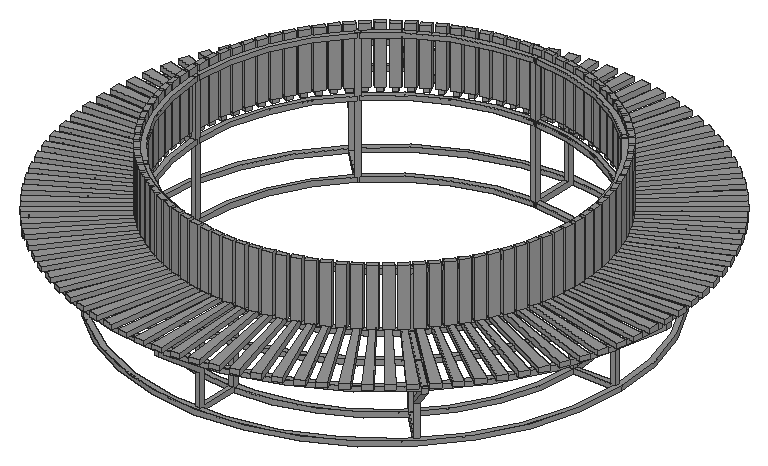
Revit family "Скамейка стальная «Диван круглый» Арт 11354", category Антураж, Revit 2018 (continued)
Definition of nested family "Скамейка стальная «Диван круглый» Арт 11354 R750"
  Forms (mm)
    Extrusion 26, solid, material <- "Цыет лавки"
      sketch origin (-110.703, 1307.801, 0) x (0.760406, -0.649448, 0) y (0.649448, 0.760406, 0)
        loop
          line (1050, 1674.557) -> (1050, 1649.557) -> (1100, 1649.557) -> (1100, 1674.557) -> (1050, 1674.557)
      from 440 to 745
    Extrusion 27, solid, material <- "Цыет лавки"
      sketch origin (-103.858, 1416.421, 0) x (0.707107, -0.707107, 0) y (0.707107, 0.707107, 0)
        loop
          line (1050, 2150) -> (1061.406, 1659.557) -> (1088.594, 1659.557) -> (1100, 2150) -> (1050, 2150)
      from 415 to 440
    Extrusion 28, solid, material <- "Цыет лавки"
      sketch origin (-103.858, 1416.421, 0) x (0.707107, -0.707107, 0) y (0.707107, 0.707107, 0)
        loop
          line (1050, 1674.557) -> (1050, 1649.557) -> (1100, 1649.557) -> (1100, 1674.557) -> (1050, 1674.557)
      from 440 to 745
    Extrusion 29, solid, material <- "Цыет лавки"
      sketch origin (-88.512, 1524.169, 0) x (0.649448, -0.760406, 0) y (0.760406, 0.649448, 0)
        loop
          line (1050, 2150) -> (1061.406, 1659.557) -> (1088.594, 1659.557) -> (1100, 2150) -> (1050, 2150)
      from 415 to 440
    Extrusion 30, solid, material <- "Цыет лавки"
      sketch origin (-88.512, 1524.169, 0) x (0.649448, -0.760406, 0) y (0.760406, 0.649448, 0)
        loop
          line (1050, 1674.557) -> (1050, 1649.557) -> (1100, 1649.557) -> (1100, 1674.557) -> (1050, 1674.557)
      from 440 to 745
    Extrusion 31, solid, material <- "Цыет лавки"
      sketch origin (-64.759, 1630.381, 0) x (0.587785, -0.809017, 0) y (0.809017, 0.587785, 0)
        loop
          line (1050, 2150) -> (1061.406, 1659.557) -> (1088.594, 1659.557) -> (1100, 2150) -> (1050, 2150)
      from 415 to 440
    Extrusion 32, solid, material <- "Цыет лавки"
      sketch origin (-64.759, 1630.381, 0) x (0.587785, -0.809017, 0) y (0.809017, 0.587785, 0)
        loop
          line (1050, 1674.557) -> (1050, 1649.557) -> (1100, 1649.557) -> (1100, 1674.557) -> (1050, 1674.557)
      from 440 to 745
    Extrusion 33, solid, material <- "Цыет лавки"
      sketch origin (-32.746, 1734.402, 0) x (0.522499, -0.85264, 0) y (0.85264, 0.522499, 0)
        loop
          line (1050, 2150) -> (1061.406, 1659.557) -> (1088.594, 1659.557) -> (1100, 2150) -> (1050, 2150)
      from 415 to 440
    Extrusion 34, solid, material <- "Цыет лавки"
      sketch origin (-32.746, 1734.402, 0) x (0.522499, -0.85264, 0) y (0.85264, 0.522499, 0)
        loop
          line (1050, 1674.557) -> (1050, 1649.557) -> (1100, 1649.557) -> (1100, 1674.557) -> (1050, 1674.557)
      from 440 to 745
    Extrusion 35, solid, material <- "Цыет лавки"
      sketch origin (7.33, 1835.59, 0) x (0.45399, -0.891007, 0) y (0.891007, 0.45399, 0)
        loop
          line (1050, 2150) -> (1061.406, 1659.557) -> (1088.594, 1659.557) -> (1100, 2150) -> (1050, 2150)
      from 415 to 440
    Extrusion 36, solid, material <- "Цыет лавки"
      sketch origin (7.33, 1835.59, 0) x (0.45399, -0.891007, 0) y (0.891007, 0.45399, 0)
        loop
          line (1050, 1674.557) -> (1050, 1649.557) -> (1100, 1649.557) -> (1100, 1674.557) -> (1050, 1674.557)
      from 440 to 745
    Extrusion 37, solid, material <- "Цыет лавки"
      sketch origin (55.221, 1933.322, 0) x (0.382683, -0.92388, 0) y (0.92388, 0.382683, 0)
        loop
          line (1050, 2150) -> (1061.406, 1659.557) -> (1088.594, 1659.557) -> (1100, 2150) -> (1050, 2150)
      from 415 to 440
    Extrusion 38, solid, material <- "Цыет лавки"
      sketch origin (55.221, 1933.322, 0) x (0.382683, -0.92388, 0) y (0.92388, 0.382683, 0)
        loop
          line (1050, 1674.557) -> (1050, 1649.557) -> (1100, 1649.557) -> (1100, 1674.557) -> (1050, 1674.557)
      from 440 to 745
    Extrusion 39, solid, material <- "Цыет лавки"
      sketch origin (110.632, 2026.996, 0) x (0.309017, -0.951057, 0) y (0.951057, 0.309017, 0)
        loop
          line (1050, 2150) -> (1061.406, 1659.557) -> (1088.594, 1659.557) -> (1100, 2150) -> (1050, 2150)
      from 415 to 440
    Extrusion 40, solid, material <- "Цыет лавки"
      sketch origin (110.632, 2026.996, 0) x (0.309017, -0.951057, 0) y (0.951057, 0.309017, 0)
        loop
          line (1050, 1674.557) -> (1050, 1649.557) -> (1100, 1649.557) -> (1100, 1674.557) -> (1050, 1674.557)
      from 440 to 745
    Extrusion 41, solid, material <- "Цыет лавки"
      sketch origin (173.223, 2116.033, 0) x (0.233445, -0.97237, 0) y (0.97237, 0.233445, 0)
        loop
          line (1050, 2150) -> (1061.406, 1659.557) -> (1088.594, 1659.557) -> (1100, 2150) -> (1050, 2150)
      from 415 to 440
    Extrusion 42, solid, material <- "Цыет лавки"
      sketch origin (173.223, 2116.033, 0) x (0.233445, -0.97237, 0) y (0.97237, 0.233445, 0)
        loop
          line (1050, 1674.557) -> (1050, 1649.557) -> (1100, 1649.557) -> (1100, 1674.557) -> (1050, 1674.557)
      from 440 to 745
    Extrusion 43, solid, material <- "Цыет лавки"
      sketch origin (242.606, 2199.885, 0) x (0.156434, -0.987688, 0) y (0.987688, 0.156434, 0)
        loop
          line (1050, 2150) -> (1061.406, 1659.557) -> (1088.594, 1659.557) -> (1100, 2150) -> (1050, 2150)
      from 415 to 440
    Extrusion 44, solid, material <- "Цыет лавки"
      sketch origin (242.606, 2199.885, 0) x (0.156434, -0.987688, 0) y (0.987688, 0.156434, 0)
        loop
          line (1050, 1674.557) -> (1050, 1649.557) -> (1100, 1649.557) -> (1100, 1674.557) -> (1050, 1674.557)
      from 440 to 745
    Extrusion 45, solid, material <- "Цыет лавки"
      sketch origin (318.354, 2278.034, 0) x (0.078459, -0.996917, 0) y (0.996917, 0.078459, 0)
        loop
          line (1050, 2150) -> (1061.406, 1659.557) -> (1088.594, 1659.557) -> (1100, 2150) -> (1050, 2150)
      from 415 to 440
    Extrusion 46, solid, material <- "Цыет лавки"
      sketch origin (318.354, 2278.034, 0) x (0.078459, -0.996917, 0) y (0.996917, 0.078459, 0)
        loop
          line (1050, 1674.557) -> (1050, 1649.557) -> (1100, 1649.557) -> (1100, 1674.557) -> (1050, 1674.557)
      from 440 to 745
    Extrusion 47, solid, material <- "Цыет лавки"
      sketch origin (400, 2350, 0) x (0, -1, 0) y (1, 0, 0)
        loop
          line (1050, 2150) -> (1061.406, 1659.557) -> (1088.594, 1659.557) -> (1100, 2150) -> (1050, 2150)
      from 415 to 440
    Extrusion 48, solid, material <- "Цыет лавки"
      sketch origin (400, 2350, 0) x (0, -1, 0) y (1, 0, 0)
        loop
          line (1050, 1674.557) -> (1050, 1649.557) -> (1100, 1649.557) -> (1100, 1674.557) -> (1050, 1674.557)
      from 440 to 745
    Extrusion 49, solid, material <- "Цыет лавки"
      sketch origin (487.041, 2415.338, 0) x (-0.078459, -0.996917, 0) y (0.996917, -0.078459, 0)
        loop
          line (1050, 2150) -> (1061.406, 1659.557) -> (1088.594, 1659.557) -> (1100, 2150) -> (1050, 2150)
      from 415 to 440
    Extrusion 50, solid, material <- "Цыет лавки"
      sketch origin (487.041, 2415.338, 0) x (-0.078459, -0.996917, 0) y (0.996917, -0.078459, 0)
        loop
          line (1050, 1674.557) -> (1050, 1649.557) -> (1100, 1649.557) -> (1100, 1674.557) -> (1050, 1674.557)
      from 440 to 745
    Extrusion 51, solid, material <- "Цыет лавки"
      sketch origin (578.94, 2473.645, 0) x (-0.156434, -0.987688, 0) y (0.987688, -0.156434, 0)
        loop
          line (1050, 2150) -> (1061.406, 1659.557) -> (1088.594, 1659.557) -> (1100, 2150) -> (1050, 2150)
      from 415 to 440
    Extrusion 52, solid, material <- "Цыет лавки"
      sketch origin (578.94, 2473.645, 0) x (-0.156434, -0.987688, 0) y (0.987688, -0.156434, 0)
        loop
          line (1050, 1674.557) -> (1050, 1649.557) -> (1100, 1649.557) -> (1100, 1674.557) -> (1050, 1674.557)
      from 440 to 745
    Extrusion 53, solid, material <- "Цыет лавки"
      sketch origin (675.13, 2524.562, 0) x (-0.233445, -0.97237, 0) y (0.97237, -0.233445, 0)
        loop
          line (1050, 2150) -> (1061.406, 1659.557) -> (1088.594, 1659.557) -> (1100, 2150) -> (1050, 2150)
      from 415 to 440
    Extrusion 54, solid, material <- "Цыет лавки"
      sketch origin (675.13, 2524.562, 0) x (-0.233445, -0.97237, 0) y (0.97237, -0.233445, 0)
        loop
          line (1050, 1674.557) -> (1050, 1649.557) -> (1100, 1649.557) -> (1100, 1674.557) -> (1050, 1674.557)
      from 440 to 745
    Extrusion 55, solid, material <- "Цыет лавки"
      sketch origin (775.019, 2567.776, 0) x (-0.309017, -0.951057, 0) y (0.951057, -0.309017, 0)
        loop
          line (1050, 2150) -> (1061.406, 1659.557) -> (1088.594, 1659.557) -> (1100, 2150) -> (1050, 2150)
      from 415 to 440
    Extrusion 56, solid, material <- "Цыет лавки"
      sketch origin (775.019, 2567.776, 0) x (-0.309017, -0.951057, 0) y (0.951057, -0.309017, 0)
        loop
          line (1050, 1674.557) -> (1050, 1649.557) -> (1100, 1649.557) -> (1100, 1674.557) -> (1050, 1674.557)
      from 440 to 745
    Extrusion 57, solid, material <- "Цыет лавки"
      sketch origin (877.99, 2603.019, 0) x (-0.382683, -0.92388, 0) y (0.92388, -0.382683, 0)
        loop
          line (1050, 2150) -> (1061.406, 1659.557) -> (1088.594, 1659.557) -> (1100, 2150) -> (1050, 2150)
      from 415 to 440
    Extrusion 58, solid, material <- "Цыет лавки"
      sketch origin (877.99, 2603.019, 0) x (-0.382683, -0.92388, 0) y (0.92388, -0.382683, 0)
        loop
          line (1050, 1674.557) -> (1050, 1649.557) -> (1100, 1649.557) -> (1100, 1674.557) -> (1050, 1674.557)
      from 440 to 745
    Extrusion 59, solid, material <- "Цыет лавки"
      sketch origin (983.409, 2630.074, 0) x (-0.45399, -0.891007, 0) y (0.891007, -0.45399, 0)
        loop
          line (1050, 2150) -> (1061.406, 1659.557) -> (1088.594, 1659.557) -> (1100, 2150) -> (1050, 2150)
      from 415 to 440
    Extrusion 60, solid, material <- "Цыет лавки"
      sketch origin (983.409, 2630.074, 0) x (-0.45399, -0.891007, 0) y (0.891007, -0.45399, 0)
        loop
          line (1050, 1674.557) -> (1050, 1649.557) -> (1100, 1649.557) -> (1100, 1674.557) -> (1050, 1674.557)
      from 440 to 745
    Extrusion 61, solid, material <- "Цыет лавки"
      sketch origin (1090.626, 2648.774, 0) x (-0.522499, -0.85264, 0) y (0.85264, -0.522499, 0)
        loop
          line (1050, 2150) -> (1061.406, 1659.557) -> (1088.594, 1659.557) -> (1100, 2150) -> (1050, 2150)
      from 415 to 440
    Extrusion 62, solid, material <- "Цыет лавки"
      sketch origin (1090.626, 2648.774, 0) x (-0.522499, -0.85264, 0) y (0.85264, -0.522499, 0)
        loop
          line (1050, 1674.557) -> (1050, 1649.557) -> (1100, 1649.557) -> (1100, 1674.557) -> (1050, 1674.557)
      from 440 to 745
    Extrusion 63, solid, material <- "Цыет лавки"
      sketch origin (1198.979, 2659.005, 0) x (-0.587785, -0.809017, 0) y (0.809017, -0.587785, 0)
        loop
          line (1050, 2150) -> (1061.406, 1659.557) -> (1088.594, 1659.557) -> (1100, 2150) -> (1050, 2150)
      from 415 to 440
    Extrusion 64, solid, material <- "Цыет лавки"
      sketch origin (1198.979, 2659.005, 0) x (-0.587785, -0.809017, 0) y (0.809017, -0.587785, 0)
        loop
          line (1050, 1674.557) -> (1050, 1649.557) -> (1100, 1649.557) -> (1100, 1674.557) -> (1050, 1674.557)
      from 440 to 745
    Extrusion 65, solid, material <- "Цыет лавки"
      sketch origin (1307.801, 2660.703, 0) x (-0.649448, -0.760406, 0) y (0.760406, -0.649448, 0)
        loop
          line (1050, 2150) -> (1061.406, 1659.557) -> (1088.594, 1659.557) -> (1100, 2150) -> (1050, 2150)
      from 415 to 440
    Extrusion 66, solid, material <- "Цыет лавки"
      sketch origin (1307.801, 2660.703, 0) x (-0.649448, -0.760406, 0) y (0.760406, -0.649448, 0)
        loop
          line (1050, 1674.557) -> (1050, 1649.557) -> (1100, 1649.557) -> (1100, 1674.557) -> (1050, 1674.557)
      from 440 to 745
    Extrusion 67, solid, material <- "Цыет лавки"
      sketch origin (1416.421, 2653.858, 0) x (-0.707107, -0.707107, 0) y (0.707107, -0.707107, 0)
        loop
          line (1050, 2150) -> (1061.406, 1659.557) -> (1088.594, 1659.557) -> (1100, 2150) -> (1050, 2150)
      from 415 to 440
    Extrusion 68, solid, material <- "Цыет лавки"
      sketch origin (1416.421, 2653.858, 0) x (-0.707107, -0.707107, 0) y (0.707107, -0.707107, 0)
        loop
          line (1050, 1674.557) -> (1050, 1649.557) -> (1100, 1649.557) -> (1100, 1674.557) -> (1050, 1674.557)
      from 440 to 745
    Extrusion 69, solid, material <- "Цыет лавки"
      sketch origin (1524.169, 2638.512, 0) x (-0.760406, -0.649448, 0) y (0.649448, -0.760406, 0)
        loop
          line (1050, 2150) -> (1061.406, 1659.557) -> (1088.594, 1659.557) -> (1100, 2150) -> (1050, 2150)
      from 415 to 440
    Extrusion 70, solid, material <- "Цыет лавки"
      sketch origin (1524.169, 2638.512, 0) x (-0.760406, -0.649448, 0) y (0.649448, -0.760406, 0)
        loop
          line (1050, 1674.557) -> (1050, 1649.557) -> (1100, 1649.557) -> (1100, 1674.557) -> (1050, 1674.557)
      from 440 to 745
    Extrusion 71, solid, material <- "Цыет лавки"
      sketch origin (1630.381, 2614.759, 0) x (-0.809017, -0.587785, 0) y (0.587785, -0.809017, 0)
        loop
          line (1050, 2150) -> (1061.406, 1659.557) -> (1088.594, 1659.557) -> (1100, 2150) -> (1050, 2150)
      from 415 to 440
    Extrusion 72, solid, material <- "Цыет лавки"
      sketch origin (1630.381, 2614.759, 0) x (-0.809017, -0.587785, 0) y (0.587785, -0.809017, 0)
        loop
          line (1050, 1674.557) -> (1050, 1649.557) -> (1100, 1649.557) -> (1100, 1674.557) -> (1050, 1674.557)
      from 440 to 745
    Extrusion 73, solid, material <- "Цыет лавки"
      sketch origin (1734.402, 2582.746, 0) x (-0.85264, -0.522499, 0) y (0.522499, -0.85264, 0)
        loop
          line (1050, 2150) -> (1061.406, 1659.557) -> (1088.594, 1659.557) -> (1100, 2150) -> (1050, 2150)
      from 415 to 440
    Extrusion 74, solid, material <- "Цыет лавки"
      sketch origin (1734.402, 2582.746, 0) x (-0.85264, -0.522499, 0) y (0.522499, -0.85264, 0)
        loop
          line (1050, 1674.557) -> (1050, 1649.557) -> (1100, 1649.557) -> (1100, 1674.557) -> (1050, 1674.557)
      from 440 to 745
    Extrusion 75, solid, material <- "Цыет лавки"
      sketch origin (1835.59, 2542.67, 0) x (-0.891007, -0.45399, 0) y (0.45399, -0.891007, 0)
        loop
          line (1050, 2150) -> (1061.406, 1659.557) -> (1088.594, 1659.557) -> (1100, 2150) -> (1050, 2150)
      from 415 to 440
    Extrusion 76, solid, material <- "Цыет лавки"
      sketch origin (1835.59, 2542.67, 0) x (-0.891007, -0.45399, 0) y (0.45399, -0.891007, 0)
        loop
          line (1050, 1674.557) -> (1050, 1649.557) -> (1100, 1649.557) -> (1100, 1674.557) -> (1050, 1674.557)
      from 440 to 745
    Extrusion 77, solid, material <- "Цыет лавки"
      sketch origin (1933.322, 2494.779, 0) x (-0.92388, -0.382683, 0) y (0.382683, -0.92388, 0)
        loop
          line (1050, 2150) -> (1061.406, 1659.557) -> (1088.594, 1659.557) -> (1100, 2150) -> (1050, 2150)
      from 415 to 440
    Extrusion 78, solid, material <- "Цыет лавки"
      sketch origin (1933.322, 2494.779, 0) x (-0.92388, -0.382683, 0) y (0.382683, -0.92388, 0)
        loop
          line (1050, 1674.557) -> (1050, 1649.557) -> (1100, 1649.557) -> (1100, 1674.557) -> (1050, 1674.557)
      from 440 to 745
    Extrusion 79, solid, material <- "Цыет лавки"
      sketch origin (2026.996, 2439.368, 0) x (-0.951057, -0.309017, 0) y (0.309017, -0.951057, 0)
        loop
          line (1050, 2150) -> (1061.406, 1659.557) -> (1088.594, 1659.557) -> (1100, 2150) -> (1050, 2150)
      from 415 to 440
    Extrusion 80, solid, material <- "Цыет лавки"
      sketch origin (2026.996, 2439.368, 0) x (-0.951057, -0.309017, 0) y (0.309017, -0.951057, 0)
        loop
          line (1050, 1674.557) -> (1050, 1649.557) -> (1100, 1649.557) -> (1100, 1674.557) -> (1050, 1674.557)
      from 440 to 745
    Extrusion 81, solid, material <- "Цыет лавки"
      sketch origin (2116.033, 2376.777, 0) x (-0.97237, -0.233445, 0) y (0.233445, -0.97237, 0)
        loop
          line (1050, 2150) -> (1061.406, 1659.557) -> (1088.594, 1659.557) -> (1100, 2150) -> (1050, 2150)
      from 415 to 440
    Extrusion 82, solid, material <- "Цыет лавки"
      sketch origin (2116.033, 2376.777, 0) x (-0.97237, -0.233445, 0) y (0.233445, -0.97237, 0)
        loop
          line (1050, 1674.557) -> (1050, 1649.557) -> (1100, 1649.557) -> (1100, 1674.557) -> (1050, 1674.557)
      from 440 to 745
    Extrusion 83, solid, material <- "Цыет лавки"
      sketch origin (2199.885, 2307.394, 0) x (-0.987688, -0.156434, 0) y (0.156434, -0.987688, 0)
        loop
          line (1050, 2150) -> (1061.406, 1659.557) -> (1088.594, 1659.557) -> (1100, 2150) -> (1050, 2150)
      from 415 to 440
    Extrusion 84, solid, material <- "Цыет лавки"
      sketch origin (2199.885, 2307.394, 0) x (-0.987688, -0.156434, 0) y (0.156434, -0.987688, 0)
        loop
          line (1050, 1674.557) -> (1050, 1649.557) -> (1100, 1649.557) -> (1100, 1674.557) -> (1050, 1674.557)
      from 440 to 745
    Extrusion 85, solid, material <- "Цыет лавки"
      sketch origin (2278.034, 2231.646, 0) x (-0.996917, -0.078459, 0) y (0.078459, -0.996917, 0)
        loop
          line (1050, 2150) -> (1061.406, 1659.557) -> (1088.594, 1659.557) -> (1100, 2150) -> (1050, 2150)
      from 415 to 440
    Extrusion 86, solid, material <- "Цыет лавки"
      sketch origin (2278.034, 2231.646, 0) x (-0.996917, -0.078459, 0) y (0.078459, -0.996917, 0)
        loop
          line (1050, 1674.557) -> (1050, 1649.557) -> (1100, 1649.557) -> (1100, 1674.557) -> (1050, 1674.557)
      from 440 to 745
    Extrusion 87, solid, material <- "Цыет лавки"
      sketch origin (2415.338, 487.041, 0) x (-0.996917, -0.078459, 0) y (0.078459, -0.996917, 0)
        loop
          line (1050, -2150) -> (1100, -2150) -> (1088.594, -1659.557) -> (1061.406, -1659.557) -> (1050, -2150)
      from 415 to 440
    Extrusion 88, solid, material <- "Цыет лавки"
      sketch origin (2415.338, 487.041, 0) x (-0.996917, -0.078459, 0) y (0.078459, -0.996917, 0)
        loop
          line (1050, -1674.557) -> (1100, -1674.557) -> (1100, -1649.557) -> (1050, -1649.557) -> (1050, -1674.557)
      from 440 to 745
    Extrusion 89, solid, material <- "Цыет лавки"
      sketch origin (2473.645, 578.94, 0) x (-0.987688, -0.156434, 0) y (0.156434, -0.987688, 0)
        loop
          line (1050, -2150) -> (1100, -2150) -> (1088.594, -1659.557) -> (1061.406, -1659.557) -> (1050, -2150)
      from 415 to 440
    Extrusion 90, solid, material <- "Цыет лавки"
      sketch origin (2473.645, 578.94, 0) x (-0.987688, -0.156434, 0) y (0.156434, -0.987688, 0)
        loop
          line (1050, -1674.557) -> (1100, -1674.557) -> (1100, -1649.557) -> (1050, -1649.557) -> (1050, -1674.557)
      from 440 to 745
    Extrusion 91, solid, material <- "Цыет лавки"
      sketch origin (2524.562, 675.13, 0) x (-0.97237, -0.233445, 0) y (0.233445, -0.97237, 0)
        loop
          line (1050, -2150) -> (1100, -2150) -> (1088.594, -1659.557) -> (1061.406, -1659.557) -> (1050, -2150)
      from 415 to 440
    Extrusion 92, solid, material <- "Цыет лавки"
      sketch origin (2524.562, 675.13, 0) x (-0.97237, -0.233445, 0) y (0.233445, -0.97237, 0)
        loop
          line (1050, -1674.557) -> (1100, -1674.557) -> (1100, -1649.557) -> (1050, -1649.557) -> (1050, -1674.557)
      from 440 to 745
    Extrusion 93, solid, material <- "Цыет лавки"
      sketch origin (2567.776, 775.019, 0) x (-0.951057, -0.309017, 0) y (0.309017, -0.951057, 0)
        loop
          line (1050, -2150) -> (1100, -2150) -> (1088.594, -1659.557) -> (1061.406, -1659.557) -> (1050, -2150)
      from 415 to 440
    Extrusion 94, solid, material <- "Цыет лавки"
      sketch origin (2567.776, 775.019, 0) x (-0.951057, -0.309017, 0) y (0.309017, -0.951057, 0)
        loop
          line (1050, -1674.557) -> (1100, -1674.557) -> (1100, -1649.557) -> (1050, -1649.557) -> (1050, -1674.557)
      from 440 to 745
    Extrusion 95, solid, material <- "Цыет лавки"
      sketch origin (2603.019, 877.99, 0) x (-0.92388, -0.382683, 0) y (0.382683, -0.92388, 0)
        loop
          line (1050, -2150) -> (1100, -2150) -> (1088.594, -1659.557) -> (1061.406, -1659.557) -> (1050, -2150)
      from 415 to 440
    Extrusion 96, solid, material <- "Цыет лавки"
      sketch origin (2603.019, 877.99, 0) x (-0.92388, -0.382683, 0) y (0.382683, -0.92388, 0)
        loop
          line (1050, -1674.557) -> (1100, -1674.557) -> (1100, -1649.557) -> (1050, -1649.557) -> (1050, -1674.557)
      from 440 to 745
    Extrusion 97, solid, material <- "Цыет лавки"
      sketch origin (2630.074, 983.409, 0) x (-0.891007, -0.45399, 0) y (0.45399, -0.891007, 0)
        loop
          line (1050, -2150) -> (1100, -2150) -> (1088.594, -1659.557) -> (1061.406, -1659.557) -> (1050, -2150)
      from 415 to 440
    Extrusion 98, solid, material <- "Цыет лавки"
      sketch origin (2630.074, 983.409, 0) x (-0.891007, -0.45399, 0) y (0.45399, -0.891007, 0)
        loop
          line (1050, -1674.557) -> (1100, -1674.557) -> (1100, -1649.557) -> (1050, -1649.557) -> (1050, -1674.557)
      from 440 to 745
    Extrusion 99, solid, material <- "Цыет лавки"
      sketch origin (2648.774, 1090.626, 0) x (-0.85264, -0.522499, 0) y (0.522499, -0.85264, 0)
        loop
          line (1050, -2150) -> (1100, -2150) -> (1088.594, -1659.557) -> (1061.406, -1659.557) -> (1050, -2150)
      from 415 to 440
    Extrusion 100, solid, material <- "Цыет лавки"
      sketch origin (2648.774, 1090.626, 0) x (-0.85264, -0.522499, 0) y (0.522499, -0.85264, 0)
        loop
          line (1050, -1674.557) -> (1100, -1674.557) -> (1100, -1649.557) -> (1050, -1649.557) -> (1050, -1674.557)
      from 440 to 745
    Extrusion 101, solid, material <- "Цыет лавки"
      sketch origin (2659.005, 1198.979, 0) x (-0.809017, -0.587785, 0) y (0.587785, -0.809017, 0)
        loop
          line (1050, -2150) -> (1100, -2150) -> (1088.594, -1659.557) -> (1061.406, -1659.557) -> (1050, -2150)
      from 415 to 440
    Extrusion 102, solid, material <- "Цыет лавки"
      sketch origin (2659.005, 1198.979, 0) x (-0.809017, -0.587785, 0) y (0.587785, -0.809017, 0)
        loop
          line (1050, -1674.557) -> (1100, -1674.557) -> (1100, -1649.557) -> (1050, -1649.557) -> (1050, -1674.557)
      from 440 to 745
    Extrusion 103, solid, material <- "Цыет лавки"
      sketch origin (2660.703, 1307.801, 0) x (-0.760406, -0.649448, 0) y (0.649448, -0.760406, 0)
        loop
          line (1050, -2150) -> (1100, -2150) -> (1088.594, -1659.557) -> (1061.406, -1659.557) -> (1050, -2150)
      from 415 to 440
    Extrusion 104, solid, material <- "Цыет лавки"
      sketch origin (2660.703, 1307.801, 0) x (-0.760406, -0.649448, 0) y (0.649448, -0.760406, 0)
        loop
          line (1050, -1674.557) -> (1100, -1674.557) -> (1100, -1649.557) -> (1050, -1649.557) -> (1050, -1674.557)
      from 440 to 745
    Extrusion 105, solid, material <- "Цыет лавки"
      sketch origin (2653.858, 1416.421, 0) x (-0.707107, -0.707107, 0) y (0.707107, -0.707107, 0)
        loop
          line (1050, -2150) -> (1100, -2150) -> (1088.594, -1659.557) -> (1061.406, -1659.557) -> (1050, -2150)
      from 415 to 440
    Extrusion 106, solid, material <- "Цыет лавки"
      sketch origin (2653.858, 1416.421, 0) x (-0.707107, -0.707107, 0) y (0.707107, -0.707107, 0)
        loop
          line (1050, -1674.557) -> (1100, -1674.557) -> (1100, -1649.557) -> (1050, -1649.557) -> (1050, -1674.557)
      from 440 to 745
    Extrusion 107, solid, material <- "Цыет лавки"
      sketch origin (2638.512, 1524.169, 0) x (-0.649448, -0.760406, 0) y (0.760406, -0.649448, 0)
        loop
          line (1050, -2150) -> (1100, -2150) -> (1088.594, -1659.557) -> (1061.406, -1659.557) -> (1050, -2150)
      from 415 to 440
    Extrusion 108, solid, material <- "Цыет лавки"
      sketch origin (2638.512, 1524.169, 0) x (-0.649448, -0.760406, 0) y (0.760406, -0.649448, 0)
        loop
          line (1050, -1674.557) -> (1100, -1674.557) -> (1100, -1649.557) -> (1050, -1649.557) -> (1050, -1674.557)
      from 440 to 745
    Extrusion 109, solid, material <- "Цыет лавки"
      sketch origin (2614.759, 1630.381, 0) x (-0.587785, -0.809017, 0) y (0.809017, -0.587785, 0)
        loop
          line (1050, -2150) -> (1100, -2150) -> (1088.594, -1659.557) -> (1061.406, -1659.557) -> (1050, -2150)
      from 415 to 440
    Extrusion 110, solid, material <- "Цыет лавки"
      sketch origin (2614.759, 1630.381, 0) x (-0.587785, -0.809017, 0) y (0.809017, -0.587785, 0)
        loop
          line (1050, -1674.557) -> (1100, -1674.557) -> (1100, -1649.557) -> (1050, -1649.557) -> (1050, -1674.557)
      from 440 to 745
    Extrusion 111, solid, material <- "Цыет лавки"
      sketch origin (2582.746, 1734.402, 0) x (-0.522499, -0.85264, 0) y (0.85264, -0.522499, 0)
        loop
          line (1050, -2150) -> (1100, -2150) -> (1088.594, -1659.557) -> (1061.406, -1659.557) -> (1050, -2150)
      from 415 to 440
    Extrusion 112, solid, material <- "Цыет лавки"
      sketch origin (2582.746, 1734.402, 0) x (-0.522499, -0.85264, 0) y (0.85264, -0.522499, 0)
        loop
          line (1050, -1674.557) -> (1100, -1674.557) -> (1100, -1649.557) -> (1050, -1649.557) -> (1050, -1674.557)
      from 440 to 745
    Extrusion 113, solid, material <- "Цыет лавки"
      sketch origin (2542.67, 1835.59, 0) x (-0.45399, -0.891007, 0) y (0.891007, -0.45399, 0)
        loop
          line (1050, -2150) -> (1100, -2150) -> (1088.594, -1659.557) -> (1061.406, -1659.557) -> (1050, -2150)
      from 415 to 440
    Extrusion 114, solid, material <- "Цыет лавки"
      sketch origin (2542.67, 1835.59, 0) x (-0.45399, -0.891007, 0) y (0.891007, -0.45399, 0)
        loop
          line (1050, -1674.557) -> (1100, -1674.557) -> (1100, -1649.557) -> (1050, -1649.557) -> (1050, -1674.557)
      from 440 to 745
    Extrusion 115, solid, material <- "Цыет лавки"
      sketch origin (2494.779, 1933.322, 0) x (-0.382683, -0.92388, 0) y (0.92388, -0.382683, 0)
        loop
          line (1050, -2150) -> (1100, -2150) -> (1088.594, -1659.557) -> (1061.406, -1659.557) -> (1050, -2150)
      from 415 to 440
    Extrusion 116, solid, material <- "Цыет лавки"
      sketch origin (2494.779, 1933.322, 0) x (-0.382683, -0.92388, 0) y (0.92388, -0.382683, 0)
        loop
          line (1050, -1674.557) -> (1100, -1674.557) -> (1100, -1649.557) -> (1050, -1649.557) -> (1050, -1674.557)
      from 440 to 745
    Extrusion 117, solid, material <- "Цыет лавки"
      sketch origin (2439.368, 2026.996, 0) x (-0.309017, -0.951057, 0) y (0.951057, -0.309017, 0)
        loop
          line (1050, -2150) -> (1100, -2150) -> (1088.594, -1659.557) -> (1061.406, -1659.557) -> (1050, -2150)
      from 415 to 440
    Extrusion 118, solid, material <- "Цыет лавки"
      sketch origin (2439.368, 2026.996, 0) x (-0.309017, -0.951057, 0) y (0.951057, -0.309017, 0)
        loop
          line (1050, -1674.557) -> (1100, -1674.557) -> (1100, -1649.557) -> (1050, -1649.557) -> (1050, -1674.557)
      from 440 to 745
    Extrusion 119, solid, material <- "Цыет лавки"
      sketch origin (2376.777, 2116.033, 0) x (-0.233445, -0.97237, 0) y (0.97237, -0.233445, 0)
        loop
          line (1050, -2150) -> (1100, -2150) -> (1088.594, -1659.557) -> (1061.406, -1659.557) -> (1050, -2150)
      from 415 to 440
    Extrusion 120, solid, material <- "Цыет лавки"
      sketch origin (2376.777, 2116.033, 0) x (-0.233445, -0.97237, 0) y (0.97237, -0.233445, 0)
        loop
          line (1050, -1674.557) -> (1100, -1674.557) -> (1100, -1649.557) -> (1050, -1649.557) -> (1050, -1674.557)
      from 440 to 745
    Extrusion 121, solid, material <- "Цыет лавки"
      sketch origin (2307.394, 2199.885, 0) x (-0.156434, -0.987688, 0) y (0.987688, -0.156434, 0)
        loop
          line (1050, -2150) -> (1100, -2150) -> (1088.594, -1659.557) -> (1061.406, -1659.557) -> (1050, -2150)
      from 415 to 440
    Extrusion 122, solid, material <- "Цыет лавки"
      sketch origin (2307.394, 2199.885, 0) x (-0.156434, -0.987688, 0) y (0.987688, -0.156434, 0)
        loop
          line (1050, -1674.557) -> (1100, -1674.557) -> (1100, -1649.557) -> (1050, -1649.557) -> (1050, -1674.557)
      from 440 to 745
    Extrusion 123, solid, material <- "Цыет лавки"
      sketch origin (2231.646, 2278.034, 0) x (-0.078459, -0.996917, 0) y (0.996917, -0.078459, 0)
        loop
          line (1050, -2150) -> (1100, -2150) -> (1088.594, -1659.557) -> (1061.406, -1659.557) -> (1050, -2150)
      from 415 to 440
    Extrusion 124, solid, material <- "Цыет лавки"
      sketch origin (2231.646, 2278.034, 0) x (-0.078459, -0.996917, 0) y (0.996917, -0.078459, 0)
        loop
          line (1050, -1674.557) -> (1100, -1674.557) -> (1100, -1649.557) -> (1050, -1649.557) -> (1050, -1674.557)
      from 440 to 745
    Extrusion 125, solid, material <- "Цыет лавки"
      sketch origin (2150, 2350, 0) x (0, -1, 0) y (1, 0, 0)
        loop
          line (1050, -2150) -> (1100, -2150) -> (1088.594, -1659.557) -> (1061.406, -1659.557) -> (1050, -2150)
      from 415 to 440
    Extrusion 126, solid, material <- "Цыет лавки"
      sketch origin (2150, 2350, 0) x (0, -1, 0) y (1, 0, 0)
        loop
          line (1050, -1674.557) -> (1100, -1674.557) -> (1100, -1649.557) -> (1050, -1649.557) -> (1050, -1674.557)
      from 440 to 745
    Extrusion 127, solid, material <- "Цыет лавки"
      sketch origin (2062.959, 2415.338, 0) x (0.078459, -0.996917, 0) y (0.996917, 0.078459, 0)
        loop
          line (1050, -2150) -> (1100, -2150) -> (1088.594, -1659.557) -> (1061.406, -1659.557) -> (1050, -2150)
      from 415 to 440
    Extrusion 128, solid, material <- "Цыет лавки"
      sketch origin (2062.959, 2415.338, 0) x (0.078459, -0.996917, 0) y (0.996917, 0.078459, 0)
        loop
          line (1050, -1674.557) -> (1100, -1674.557) -> (1100, -1649.557) -> (1050, -1649.557) -> (1050, -1674.557)
      from 440 to 745
    Extrusion 129, solid, material <- "Цыет лавки"
      sketch origin (1971.06, 2473.645, 0) x (0.156434, -0.987688, 0) y (0.987688, 0.156434, 0)
        loop
          line (1050, -2150) -> (1100, -2150) -> (1088.594, -1659.557) -> (1061.406, -1659.557) -> (1050, -2150)
      from 415 to 440
    Extrusion 130, solid, material <- "Цыет лавки"
      sketch origin (1971.06, 2473.645, 0) x (0.156434, -0.987688, 0) y (0.987688, 0.156434, 0)
        loop
          line (1050, -1674.557) -> (1100, -1674.557) -> (1100, -1649.557) -> (1050, -1649.557) -> (1050, -1674.557)
      from 440 to 745
    Extrusion 131, solid, material <- "Цыет лавки"
      sketch origin (1874.87, 2524.562, 0) x (0.233445, -0.97237, 0) y (0.97237, 0.233445, 0)
        loop
          line (1050, -2150) -> (1100, -2150) -> (1088.594, -1659.557) -> (1061.406, -1659.557) -> (1050, -2150)
      from 415 to 440
    Extrusion 132, solid, material <- "Цыет лавки"
      sketch origin (1874.87, 2524.562, 0) x (0.233445, -0.97237, 0) y (0.97237, 0.233445, 0)
        loop
          line (1050, -1674.557) -> (1100, -1674.557) -> (1100, -1649.557) -> (1050, -1649.557) -> (1050, -1674.557)
      from 440 to 745
    Extrusion 133, solid, material <- "Цыет лавки"
      sketch origin (1774.981, 2567.776, 0) x (0.309017, -0.951057, 0) y (0.951057, 0.309017, 0)
        loop
          line (1050, -2150) -> (1100, -2150) -> (1088.594, -1659.557) -> (1061.406, -1659.557) -> (1050, -2150)
      from 415 to 440
    Extrusion 134, solid, material <- "Цыет лавки"
      sketch origin (1774.981, 2567.776, 0) x (0.309017, -0.951057, 0) y (0.951057, 0.309017, 0)
        loop
          line (1050, -1674.557) -> (1100, -1674.557) -> (1100, -1649.557) -> (1050, -1649.557) -> (1050, -1674.557)
      from 440 to 745
    Extrusion 135, solid, material <- "Цыет лавки"
      sketch origin (1672.01, 2603.019, 0) x (0.382683, -0.92388, 0) y (0.92388, 0.382683, 0)
        loop
          line (1050, -2150) -> (1100, -2150) -> (1088.594, -1659.557) -> (1061.406, -1659.557) -> (1050, -2150)
      from 415 to 440
    Extrusion 136, solid, material <- "Цыет лавки"
      sketch origin (1672.01, 2603.019, 0) x (0.382683, -0.92388, 0) y (0.92388, 0.382683, 0)
        loop
          line (1050, -1674.557) -> (1100, -1674.557) -> (1100, -1649.557) -> (1050, -1649.557) -> (1050, -1674.557)
      from 440 to 745
    Extrusion 137, solid, material <- "Цыет лавки"
      sketch origin (1566.591, 2630.074, 0) x (0.45399, -0.891007, 0) y (0.891007, 0.45399, 0)
        loop
          line (1050, -2150) -> (1100, -2150) -> (1088.594, -1659.557) -> (1061.406, -1659.557) -> (1050, -2150)
      from 415 to 440
    Extrusion 138, solid, material <- "Цыет лавки"
      sketch origin (1566.591, 2630.074, 0) x (0.45399, -0.891007, 0) y (0.891007, 0.45399, 0)
        loop
          line (1050, -1674.557) -> (1100, -1674.557) -> (1100, -1649.557) -> (1050, -1649.557) -> (1050, -1674.557)
      from 440 to 745
    Extrusion 139, solid, material <- "Цыет лавки"
      sketch origin (1459.374, 2648.774, 0) x (0.522499, -0.85264, 0) y (0.85264, 0.522499, 0)
        loop
          line (1050, -2150) -> (1100, -2150) -> (1088.594, -1659.557) -> (1061.406, -1659.557) -> (1050, -2150)
      from 415 to 440
    Extrusion 140, solid, material <- "Цыет лавки"
      sketch origin (1459.374, 2648.774, 0) x (0.522499, -0.85264, 0) y (0.85264, 0.522499, 0)
        loop
          line (1050, -1674.557) -> (1100, -1674.557) -> (1100, -1649.557) -> (1050, -1649.557) -> (1050, -1674.557)
      from 440 to 745
    Extrusion 141, solid, material <- "Цыет лавки"
      sketch origin (1351.021, 2659.005, 0) x (0.587785, -0.809017, 0) y (0.809017, 0.587785, 0)
        loop
          line (1050, -2150) -> (1100, -2150) -> (1088.594, -1659.557) -> (1061.406, -1659.557) -> (1050, -2150)
      from 415 to 440
    Extrusion 142, solid, material <- "Цыет лавки"
      sketch origin (1351.021, 2659.005, 0) x (0.587785, -0.809017, 0) y (0.809017, 0.587785, 0)
        loop
          line (1050, -1674.557) -> (1100, -1674.557) -> (1100, -1649.557) -> (1050, -1649.557) -> (1050, -1674.557)
      from 440 to 745
    Extrusion 143, solid, material <- "Цыет лавки"
      sketch origin (1242.199, 2660.703, 0) x (0.649448, -0.760406, 0) y (0.760406, 0.649448, 0)
        loop
          line (1050, -2150) -> (1100, -2150) -> (1088.594, -1659.557) -> (1061.406, -1659.557) -> (1050, -2150)
      from 415 to 440
    Extrusion 144, solid, material <- "Цыет лавки"
      sketch origin (1242.199, 2660.703, 0) x (0.649448, -0.760406, 0) y (0.760406, 0.649448, 0)
        loop
          line (1050, -1674.557) -> (1100, -1674.557) -> (1100, -1649.557) -> (1050, -1649.557) -> (1050, -1674.557)
      from 440 to 745
    Extrusion 145, solid, material <- "Цыет лавки"
      sketch origin (1133.579, 2653.858, 0) x (0.707107, -0.707107, 0) y (0.707107, 0.707107, 0)
        loop
          line (1050, -2150) -> (1100, -2150) -> (1088.594, -1659.557) -> (1061.406, -1659.557) -> (1050, -2150)
      from 415 to 440
    Extrusion 146, solid, material <- "Цыет лавки"
      sketch origin (1133.579, 2653.858, 0) x (0.707107, -0.707107, 0) y (0.707107, 0.707107, 0)
        loop
          line (1050, -1674.557) -> (1100, -1674.557) -> (1100, -1649.557) -> (1050, -1649.557) -> (1050, -1674.557)
      from 440 to 745
    Extrusion 147, solid, material <- "Цыет лавки"
      sketch origin (1025.831, 2638.512, 0) x (0.760406, -0.649448, 0) y (0.649448, 0.760406, 0)
        loop
          line (1050, -2150) -> (1100, -2150) -> (1088.594, -1659.557) -> (1061.406, -1659.557) -> (1050, -2150)
      from 415 to 440
    Extrusion 148, solid, material <- "Цыет лавки"
      sketch origin (1025.831, 2638.512, 0) x (0.760406, -0.649448, 0) y (0.649448, 0.760406, 0)
        loop
          line (1050, -1674.557) -> (1100, -1674.557) -> (1100, -1649.557) -> (1050, -1649.557) -> (1050, -1674.557)
      from 440 to 745
    Extrusion 149, solid, material <- "Цыет лавки"
      sketch origin (919.619, 2614.759, 0) x (0.809017, -0.587785, 0) y (0.587785, 0.809017, 0)
        loop
          line (1050, -2150) -> (1100, -2150) -> (1088.594, -1659.557) -> (1061.406, -1659.557) -> (1050, -2150)
      from 415 to 440
    Extrusion 150, solid, material <- "Цыет лавки"
      sketch origin (919.619, 2614.759, 0) x (0.809017, -0.587785, 0) y (0.587785, 0.809017, 0)
        loop
          line (1050, -1674.557) -> (1100, -1674.557) -> (1100, -1649.557) -> (1050, -1649.557) -> (1050, -1674.557)
      from 440 to 745
    Extrusion 151, solid, material <- "Цыет лавки"
      sketch origin (815.598, 2582.746, 0) x (0.85264, -0.522499, 0) y (0.522499, 0.85264, 0)
        loop
          line (1050, -2150) -> (1100, -2150) -> (1088.594, -1659.557) -> (1061.406, -1659.557) -> (1050, -2150)
      from 415 to 440
    Extrusion 152, solid, material <- "Цыет лавки"
      sketch origin (815.598, 2582.746, 0) x (0.85264, -0.522499, 0) y (0.522499, 0.85264, 0)
        loop
          line (1050, -1674.557) -> (1100, -1674.557) -> (1100, -1649.557) -> (1050, -1649.557) -> (1050, -1674.557)
      from 440 to 745
    Extrusion 153, solid, material <- "Цыет лавки"
      sketch origin (714.41, 2542.67, 0) x (0.891007, -0.45399, 0) y (0.45399, 0.891007, 0)
        loop
          line (1050, -2150) -> (1100, -2150) -> (1088.594, -1659.557) -> (1061.406, -1659.557) -> (1050, -2150)
      from 415 to 440
    Extrusion 154, solid, material <- "Цыет лавки"
      sketch origin (714.41, 2542.67, 0) x (0.891007, -0.45399, 0) y (0.45399, 0.891007, 0)
        loop
          line (1050, -1674.557) -> (1100, -1674.557) -> (1100, -1649.557) -> (1050, -1649.557) -> (1050, -1674.557)
      from 440 to 745
    Extrusion 155, solid, material <- "Цыет лавки"
      sketch origin (616.678, 2494.779, 0) x (0.92388, -0.382683, 0) y (0.382683, 0.92388, 0)
        loop
          line (1050, -2150) -> (1100, -2150) -> (1088.594, -1659.557) -> (1061.406, -1659.557) -> (1050, -2150)
      from 415 to 440
    Extrusion 156, solid, material <- "Цыет лавки"
      sketch origin (616.678, 2494.779, 0) x (0.92388, -0.382683, 0) y (0.382683, 0.92388, 0)
        loop
          line (1050, -1674.557) -> (1100, -1674.557) -> (1100, -1649.557) -> (1050, -1649.557) -> (1050, -1674.557)
      from 440 to 745
    Extrusion 157, solid, material <- "Цыет лавки"
      sketch origin (523.004, 2439.368, 0) x (0.951057, -0.309017, 0) y (0.309017, 0.951057, 0)
        loop
          line (1050, -2150) -> (1100, -2150) -> (1088.594, -1659.557) -> (1061.406, -1659.557) -> (1050, -2150)
      from 415 to 440
    Extrusion 158, solid, material <- "Цыет лавки"
      sketch origin (523.004, 2439.368, 0) x (0.951057, -0.309017, 0) y (0.309017, 0.951057, 0)
        loop
          line (1050, -1674.557) -> (1100, -1674.557) -> (1100, -1649.557) -> (1050, -1649.557) -> (1050, -1674.557)
      from 440 to 745
    Extrusion 159, solid, material <- "Цыет лавки"
      sketch origin (433.967, 2376.777, 0) x (0.97237, -0.233445, 0) y (0.233445, 0.97237, 0)
        loop
          line (1050, -2150) -> (1100, -2150) -> (1088.594, -1659.557) -> (1061.406, -1659.557) -> (1050, -2150)
      from 415 to 440
    Extrusion 160, solid, material <- "Цыет лавки"
      sketch origin (433.967, 2376.777, 0) x (0.97237, -0.233445, 0) y (0.233445, 0.97237, 0)
        loop
          line (1050, -1674.557) -> (1100, -1674.557) -> (1100, -1649.557) -> (1050, -1649.557) -> (1050, -1674.557)
      from 440 to 745
    Extrusion 161, solid, material <- "Цыет лавки"
      sketch origin (350.115, 2307.394, 0) x (0.987688, -0.156434, 0) y (0.156434, 0.987688, 0)
        loop
          line (1050, -2150) -> (1100, -2150) -> (1088.594, -1659.557) -> (1061.406, -1659.557) -> (1050, -2150)
      from 415 to 440
    Extrusion 162, solid, material <- "Цыет лавки"
      sketch origin (350.115, 2307.394, 0) x (0.987688, -0.156434, 0) y (0.156434, 0.987688, 0)
        loop
          line (1050, -1674.557) -> (1100, -1674.557) -> (1100, -1649.557) -> (1050, -1649.557) -> (1050, -1674.557)
      from 440 to 745
    Extrusion 163, solid, material <- "Цыет лавки"
      sketch origin (271.966, 2231.646, 0) x (0.996917, -0.078459, 0) y (0.078459, 0.996917, 0)
        loop
          line (1050, -2150) -> (1100, -2150) -> (1088.594, -1659.557) -> (1061.406, -1659.557) -> (1050, -2150)
      from 415 to 440
    Extrusion 164, solid, material <- "Цыет лавки"
      sketch origin (271.966, 2231.646, 0) x (0.996917, -0.078459, 0) y (0.078459, 0.996917, 0)
        loop
          line (1050, -1674.557) -> (1100, -1674.557) -> (1100, -1649.557) -> (1050, -1649.557) -> (1050, -1674.557)
      from 440 to 745
    Extrusion 165, solid, material <- "Цвет опор"
      sketch origin (2550, 2550, 0) x (-1, 0, 0) y (0, 0, -1)
        loop
          line (525.487, 0) -> (275, 0) -> (275, -195) -> (0, -390) -> (0, -415) -> (500.443, -415) -> (500.443, -690) -> (525.487, -690) -> (525.487, 0)
        loop
          line (275, -390) -> (275, -225.647) -> (43.221, -390) -> (275, -390)
        loop
          line (300, -25) -> (300, -390) -> (500.443, -390) -> (500.443, -25) -> (300, -25)
      from 1262.5 to 1287.5
    Extrusion 166, solid, material <- "Цвет опор"
      sketch origin (1275, 3078.122, 0) x (0.707107, -0.707107, 0) y (0, 0, 1)
        loop
          line (525.487, 0) -> (525.487, 690) -> (500.443, 690) -> (500.443, 415) -> (0, 415) -> (0, 390) -> (275, 195) -> (275, 0) -> (525.487, 0)
        loop
          line (275, 390) -> (43.221, 390) -> (275, 225.647) -> (275, 390)
        loop
          line (300, 25) -> (500.443, 25) -> (500.443, 390) -> (300, 390) -> (300, 25)
      from 1262.5 to 1287.5
    Extrusion 167, solid, material <- "Цвет опор"
      sketch origin (3078.122, 1275, 0) x (-0.707107, 0.707107, 0) y (0, 0, -1)
        loop
          line (525.487, 0) -> (275, 0) -> (275, -195) -> (0, -390) -> (0, -415) -> (500.443, -415) -> (500.443, -690) -> (525.487, -690) -> (525.487, 0)
        loop
          line (275, -390) -> (275, -225.647) -> (43.221, -390) -> (275, -390)
        loop
          line (300, -25) -> (300, -390) -> (500.443, -390) -> (500.443, -25) -> (300, -25)
      from 1262.5 to 1287.5
    Extrusion 168, solid, material <- "Цвет опор"
      sketch origin (1275, 3078.122, 0) x (-0.707107, -0.707107, 0) y (0, 0, -1)
        loop
          line (525.487, 0) -> (275, 0) -> (275, -195) -> (0, -390) -> (0, -415) -> (500.443, -415) -> (500.443, -690) -> (525.487, -690) -> (525.487, 0)
        loop
          line (275, -390) -> (275, -225.647) -> (43.221, -390) -> (275, -390)
        loop
          line (300, -25) -> (300, -390) -> (500.443, -390) -> (500.443, -25) -> (300, -25)
      from 1262.5 to 1287.5
    Extrusion 169, solid, material <- "Цвет опор"
      sketch origin (-528.122, 1275, 0) x (0.707107, 0.707107, 0) y (0, 0, 1)
        loop
          line (525.487, 0) -> (525.487, 690) -> (500.443, 690) -> (500.443, 415) -> (0, 415) -> (0, 390) -> (275, 195) -> (275, 0) -> (525.487, 0)
        loop
          line (275, 390) -> (43.221, 390) -> (275, 225.647) -> (275, 390)
        loop
          line (300, 25) -> (500.443, 25) -> (500.443, 390) -> (300, 390) -> (300, 25)
      from 1262.5 to 1287.5
  Dimensions and locks
    plane 3 "По центру (Влево/Вправо)" to plane 4 = 2550 mm
    plane 5 to plane 1 "По центру (Вперед/Назад)" = 2550 mm
    plane 6 to level = 745 mm
    aligned and locked: level to plane 2
Definition of nested family "Скамейка стальная «Диван круглый» Арт 11354 R1000"
  Parameters (values of type "Скамейка стальная «Диван круглый» Арт 11354 R1000")
    Цыет лавки = none
    Цвет опор = none
    Height = 0 mm
  Reference planes
    plane 1 "По центру (Вперед/Назад)": y = 0
    plane 2: z = 0
    plane 3 "По центру (Влево/Вправо)": x = 0
    plane 4: x = 3050
    plane 5: y = 3050
    plane 6: z = 745
  Forms (mm)
    Extrusion 1, solid, material <- "Цвет опор"
      sketch origin (0, 0, 0) x (1, 0, 0) y (0, 1, 0)
        loop
          circle (1525, 1525) r 1275
        loop
          circle (1525, 1525) r 1250
        loop
          circle (1525, 1525) r 1025
        loop
          circle (1525, 1525) r 1000
      from 0 to 25
    Extrusion 2, solid, material <- "Цвет опор"
      sketch origin (0, 0, 0) x (1, 0, 0) y (0, 1, 0)
        loop
          circle (1525, 1525) r 1000
        loop
          circle (1525, 1525) r 1500
        loop
          circle (1525, 1525) r 1475
        loop
          circle (1525, 1525) r 1025
        loop
          circle (1525, 1525) r 1250
        loop
          circle (1525, 1525) r 1275
      from 390 to 415
    Extrusion 3, solid, material <- "Цвет опор"
      sketch origin (0, 0, 0) x (1, 0, 0) y (0, 1, 0)
        loop
          circle (1525, 1525) r 1025
        loop
          circle (1525, 1525) r 1000
      from 690 to 715
    Extrusion 4, solid, material <- "Цыет лавки"
      sketch origin (450, 900, 0) x (1, 0, 0) y (0, 1, 0)
        loop
          line (1050, 2150) -> (1061.406, 1659.557) -> (1088.594, 1659.557) -> (1100, 2150) -> (1050, 2150)
      from 415 to 440
    Extrusion 5, solid, material <- "Цыет лавки"
      sketch origin (450, 900, 0) x (1, 0, 0) y (0, 1, 0)
        loop
          line (1050, 1674.557) -> (1050, 1649.557) -> (1100, 1649.557) -> (1100, 1674.557) -> (1050, 1674.557)
      from 440 to 745
    Extrusion 6, solid, material <- "Цвет опор"
      sketch origin (-631.676, 1525, 0) x (0.707107, 0.707107, 0) y (0, 0, 1)
        loop
          line (525.487, 0) -> (525.487, 715) -> (500.443, 715) -> (500.443, 415) -> (0, 415) -> (0, 390) -> (275, 195) -> (275, 0) -> (525.487, 0)
        loop
          line (275, 390) -> (43.221, 390) -> (275, 225.647) -> (275, 390)
        loop
          line (300, 25) -> (500.443, 25) -> (500.443, 390) -> (300, 390) -> (300, 25)
      from 1512.5 to 1537.5
    Extrusion 7, solid, material <- "Цыет лавки"
      sketch origin (2600, 2150, 0) x (-1, 0, 0) y (0, -1, 0)
        loop
          line (1050, 2150) -> (1061.406, 1659.557) -> (1088.594, 1659.557) -> (1100, 2150) -> (1050, 2150)
      from 415 to 440
    Extrusion 8, solid, material <- "Цыет лавки"
      sketch origin (2600, 2150, 0) x (-1, 0, 0) y (0, -1, 0)
        loop
          line (1050, 1674.557) -> (1050, 1649.557) -> (1100, 1649.557) -> (1100, 1674.557) -> (1050, 1674.557)
      from 440 to 745
    Extrusion 9, solid, material <- "Цыет лавки"
      sketch origin (491.365, 833.733, 0) x (0.998027, 0.062791, 0) y (-0.062791, 0.998027, 0)
        loop
          line (1050, 2150) -> (1061.406, 1659.557) -> (1088.594, 1659.557) -> (1100, 2150) -> (1050, 2150)
      from 415 to 440
    Extrusion 10, solid, material <- "Цыет лавки"
      sketch origin (491.365, 833.733, 0) x (0.998027, 0.062791, 0) y (-0.062791, 0.998027, 0)
        loop
          line (1050, 1674.557) -> (1050, 1649.557) -> (1100, 1649.557) -> (1100, 1674.557) -> (1050, 1674.557)
      from 440 to 745
    Extrusion 11, solid, material <- "Цыет лавки"
      sketch origin (536.81, 770.195, 0) x (0.992115, 0.125333, 0) y (-0.125333, 0.992115, 0)
        loop
          line (1050, 2150) -> (1061.406, 1659.557) -> (1088.594, 1659.557) -> (1100, 2150) -> (1050, 2150)
      from 415 to 440
    Extrusion 12, solid, material <- "Цыет лавки"
      sketch origin (536.81, 770.195, 0) x (0.992115, 0.125333, 0) y (-0.125333, 0.992115, 0)
        loop
          line (1050, 1674.557) -> (1050, 1649.557) -> (1100, 1649.557) -> (1100, 1674.557) -> (1050, 1674.557)
      from 440 to 745
    Extrusion 13, solid, material <- "Цыет лавки"
      sketch origin (586.155, 709.636, 0) x (0.982287, 0.187381, 0) y (-0.187381, 0.982287, 0)
        loop
          line (1050, 2150) -> (1061.406, 1659.557) -> (1088.594, 1659.557) -> (1100, 2150) -> (1050, 2150)
      from 415 to 440
    Extrusion 14, solid, material <- "Цыет лавки"
      sketch origin (586.155, 709.636, 0) x (0.982287, 0.187381, 0) y (-0.187381, 0.982287, 0)
        loop
          line (1050, 1674.557) -> (1050, 1649.557) -> (1100, 1649.557) -> (1100, 1674.557) -> (1050, 1674.557)
      from 440 to 745
    Extrusion 15, solid, material <- "Цыет лавки"
      sketch origin (639.204, 652.294, 0) x (0.968583, 0.24869, 0) y (-0.24869, 0.968583, 0)
        loop
          line (1050, 2150) -> (1061.406, 1659.557) -> (1088.594, 1659.557) -> (1100, 2150) -> (1050, 2150)
      from 415 to 440
    Extrusion 16, solid, material <- "Цыет лавки"
      sketch origin (639.204, 652.294, 0) x (0.968583, 0.24869, 0) y (-0.24869, 0.968583, 0)
        loop
          line (1050, 1674.557) -> (1050, 1649.557) -> (1100, 1649.557) -> (1100, 1674.557) -> (1050, 1674.557)
      from 440 to 745
    Extrusion 17, solid, material <- "Цыет лавки"
      sketch origin (695.75, 598.396, 0) x (0.951057, 0.309017, 0) y (-0.309017, 0.951057, 0)
        loop
          line (1050, 2150) -> (1061.406, 1659.557) -> (1088.594, 1659.557) -> (1100, 2150) -> (1050, 2150)
      from 415 to 440
    Extrusion 18, solid, material <- "Цыет лавки"
      sketch origin (695.75, 598.396, 0) x (0.951057, 0.309017, 0) y (-0.309017, 0.951057, 0)
        loop
          line (1050, 1674.557) -> (1050, 1649.557) -> (1100, 1649.557) -> (1100, 1674.557) -> (1050, 1674.557)
      from 440 to 745
    Extrusion 19, solid, material <- "Цыет лавки"
      sketch origin (755.568, 548.156, 0) x (0.929776, 0.368125, 0) y (-0.368125, 0.929776, 0)
        loop
          line (1050, 2150) -> (1061.406, 1659.557) -> (1088.594, 1659.557) -> (1100, 2150) -> (1050, 2150)
      from 415 to 440
    Extrusion 20, solid, material <- "Цыет лавки"
      sketch origin (755.568, 548.156, 0) x (0.929776, 0.368125, 0) y (-0.368125, 0.929776, 0)
        loop
          line (1050, 1674.557) -> (1050, 1649.557) -> (1100, 1649.557) -> (1100, 1674.557) -> (1050, 1674.557)
      from 440 to 745
    Extrusion 21, solid, material <- "Цыет лавки"
      sketch origin (818.423, 501.77, 0) x (0.904827, 0.425779, 0) y (-0.425779, 0.904827, 0)
        loop
          line (1050, 2150) -> (1061.406, 1659.557) -> (1088.594, 1659.557) -> (1100, 2150) -> (1050, 2150)
      from 415 to 440
    Extrusion 22, solid, material <- "Цыет лавки"
      sketch origin (818.423, 501.77, 0) x (0.904827, 0.425779, 0) y (-0.425779, 0.904827, 0)
        loop
          line (1050, 1674.557) -> (1050, 1649.557) -> (1100, 1649.557) -> (1100, 1674.557) -> (1050, 1674.557)
      from 440 to 745
    Extrusion 23, solid, material <- "Цыет лавки"
      sketch origin (884.066, 459.423, 0) x (0.876307, 0.481754, 0) y (-0.481754, 0.876307, 0)
        loop
          line (1050, 2150) -> (1061.406, 1659.557) -> (1088.594, 1659.557) -> (1100, 2150) -> (1050, 2150)
      from 415 to 440
    Extrusion 24, solid, material <- "Цыет лавки"
      sketch origin (884.066, 459.423, 0) x (0.876307, 0.481754, 0) y (-0.481754, 0.876307, 0)
        loop
          line (1050, 1674.557) -> (1050, 1649.557) -> (1100, 1649.557) -> (1100, 1674.557) -> (1050, 1674.557)
      from 440 to 745
    Extrusion 25, solid, material <- "Цыет лавки"
      sketch origin (952.239, 421.281, 0) x (0.844328, 0.535827, 0) y (-0.535827, 0.844328, 0)
        loop
          line (1050, 2150) -> (1061.406, 1659.557) -> (1088.594, 1659.557) -> (1100, 2150) -> (1050, 2150)
      from 415 to 440
    Extrusion 26, solid, material <- "Цыет лавки"
      sketch origin (952.239, 421.281, 0) x (0.844328, 0.535827, 0) y (-0.535827, 0.844328, 0)
        loop
          line (1050, 1674.557) -> (1050, 1649.557) -> (1100, 1649.557) -> (1100, 1674.557) -> (1050, 1674.557)
      from 440 to 745
    Extrusion 27, solid, material <- "Цыет лавки"
      sketch origin (1022.673, 387.495, 0) x (0.809017, 0.587785, 0) y (-0.587785, 0.809017, 0)
        loop
          line (1050, 2150) -> (1061.406, 1659.557) -> (1088.594, 1659.557) -> (1100, 2150) -> (1050, 2150)
      from 415 to 440
    Extrusion 28, solid, material <- "Цыет лавки"
      sketch origin (1022.673, 387.495, 0) x (0.809017, 0.587785, 0) y (-0.587785, 0.809017, 0)
        loop
          line (1050, 1674.557) -> (1050, 1649.557) -> (1100, 1649.557) -> (1100, 1674.557) -> (1050, 1674.557)
      from 440 to 745
    Extrusion 29, solid, material <- "Цыет лавки"
      sketch origin (1095.088, 358.198, 0) x (0.770513, 0.637424, 0) y (-0.637424, 0.770513, 0)
        loop
          line (1050, 2150) -> (1061.406, 1659.557) -> (1088.594, 1659.557) -> (1100, 2150) -> (1050, 2150)
      from 415 to 440
    Extrusion 30, solid, material <- "Цыет лавки"
      sketch origin (1095.088, 358.198, 0) x (0.770513, 0.637424, 0) y (-0.637424, 0.770513, 0)
        loop
          line (1050, 1674.557) -> (1050, 1649.557) -> (1100, 1649.557) -> (1100, 1674.557) -> (1050, 1674.557)
      from 440 to 745
    Extrusion 31, solid, material <- "Цыет лавки"
      sketch origin (1169.201, 333.506, 0) x (0.728969, 0.684547, 0) y (-0.684547, 0.728969, 0)
        loop
          line (1050, 2150) -> (1061.406, 1659.557) -> (1088.594, 1659.557) -> (1100, 2150) -> (1050, 2150)
      from 415 to 440
    Extrusion 32, solid, material <- "Цыет лавки"
      sketch origin (1169.201, 333.506, 0) x (0.728969, 0.684547, 0) y (-0.684547, 0.728969, 0)
        loop
          line (1050, 1674.557) -> (1050, 1649.557) -> (1100, 1649.557) -> (1100, 1674.557) -> (1050, 1674.557)
      from 440 to 745
    Extrusion 33, solid, material <- "Цыет лавки"
      sketch origin (1244.717, 313.517, 0) x (0.684547, 0.728969, 0) y (-0.728969, 0.684547, 0)
        loop
          line (1050, 2150) -> (1061.406, 1659.557) -> (1088.594, 1659.557) -> (1100, 2150) -> (1050, 2150)
      from 415 to 440
    Extrusion 34, solid, material <- "Цыет лавки"
      sketch origin (1244.717, 313.517, 0) x (0.684547, 0.728969, 0) y (-0.728969, 0.684547, 0)
        loop
          line (1050, 1674.557) -> (1050, 1649.557) -> (1100, 1649.557) -> (1100, 1674.557) -> (1050, 1674.557)
      from 440 to 745
    Extrusion 35, solid, material <- "Цыет лавки"
      sketch origin (1321.34, 298.308, 0) x (0.637424, 0.770513, 0) y (-0.770513, 0.637424, 0)
        loop
          line (1050, 2150) -> (1061.406, 1659.557) -> (1088.594, 1659.557) -> (1100, 2150) -> (1050, 2150)
      from 415 to 440
    Extrusion 36, solid, material <- "Цыет лавки"
      sketch origin (1321.34, 298.308, 0) x (0.637424, 0.770513, 0) y (-0.770513, 0.637424, 0)
        loop
          line (1050, 1674.557) -> (1050, 1649.557) -> (1100, 1649.557) -> (1100, 1674.557) -> (1050, 1674.557)
      from 440 to 745
    Extrusion 37, solid, material <- "Цыет лавки"
      sketch origin (1398.766, 287.941, 0) x (0.587785, 0.809017, 0) y (-0.809017, 0.587785, 0)
        loop
          line (1050, 2150) -> (1061.406, 1659.557) -> (1088.594, 1659.557) -> (1100, 2150) -> (1050, 2150)
      from 415 to 440
    Extrusion 38, solid, material <- "Цыет лавки"
      sketch origin (1398.766, 287.941, 0) x (0.587785, 0.809017, 0) y (-0.809017, 0.587785, 0)
        loop
          line (1050, 1674.557) -> (1050, 1649.557) -> (1100, 1649.557) -> (1100, 1674.557) -> (1050, 1674.557)
      from 440 to 745
    Extrusion 39, solid, material <- "Цыет лавки"
      sketch origin (1476.691, 282.456, 0) x (0.535827, 0.844328, 0) y (-0.844328, 0.535827, 0)
        loop
          line (1050, 2150) -> (1061.406, 1659.557) -> (1088.594, 1659.557) -> (1100, 2150) -> (1050, 2150)
      from 415 to 440
    Extrusion 40, solid, material <- "Цыет лавки"
      sketch origin (1476.691, 282.456, 0) x (0.535827, 0.844328, 0) y (-0.844328, 0.535827, 0)
        loop
          line (1050, 1674.557) -> (1050, 1649.557) -> (1100, 1649.557) -> (1100, 1674.557) -> (1050, 1674.557)
      from 440 to 745
    Extrusion 41, solid, material <- "Цыет лавки"
      sketch origin (1554.806, 281.874, 0) x (0.481754, 0.876307, 0) y (-0.876307, 0.481754, 0)
        loop
          line (1050, 2150) -> (1061.406, 1659.557) -> (1088.594, 1659.557) -> (1100, 2150) -> (1050, 2150)
      from 415 to 440
    Extrusion 42, solid, material <- "Цыет лавки"
      sketch origin (1554.806, 281.874, 0) x (0.481754, 0.876307, 0) y (-0.876307, 0.481754, 0)
        loop
          line (1050, 1674.557) -> (1050, 1649.557) -> (1100, 1649.557) -> (1100, 1674.557) -> (1050, 1674.557)
      from 440 to 745
    Extrusion 43, solid, material <- "Цыет лавки"
      sketch origin (1632.804, 286.199, 0) x (0.425779, 0.904827, 0) y (-0.904827, 0.425779, 0)
        loop
          line (1050, 2150) -> (1061.406, 1659.557) -> (1088.594, 1659.557) -> (1100, 2150) -> (1050, 2150)
      from 415 to 440
    Extrusion 44, solid, material <- "Цыет лавки"
      sketch origin (1632.804, 286.199, 0) x (0.425779, 0.904827, 0) y (-0.904827, 0.425779, 0)
        loop
          line (1050, 1674.557) -> (1050, 1649.557) -> (1100, 1649.557) -> (1100, 1674.557) -> (1050, 1674.557)
      from 440 to 745
    Extrusion 45, solid, material <- "Цыет лавки"
      sketch origin (1710.376, 295.412, 0) x (0.368125, 0.929776, 0) y (-0.929776, 0.368125, 0)
        loop
          line (1050, 2150) -> (1061.406, 1659.557) -> (1088.594, 1659.557) -> (1100, 2150) -> (1050, 2150)
      from 415 to 440
    Extrusion 46, solid, material <- "Цыет лавки"
      sketch origin (1710.376, 295.412, 0) x (0.368125, 0.929776, 0) y (-0.929776, 0.368125, 0)
        loop
          line (1050, 1674.557) -> (1050, 1649.557) -> (1100, 1649.557) -> (1100, 1674.557) -> (1050, 1674.557)
      from 440 to 745
    Extrusion 47, solid, material <- "Цыет лавки"
      sketch origin (1787.217, 309.479, 0) x (0.309017, 0.951057, 0) y (-0.951057, 0.309017, 0)
        loop
          line (1050, 2150) -> (1061.406, 1659.557) -> (1088.594, 1659.557) -> (1100, 2150) -> (1050, 2150)
      from 415 to 440
    Extrusion 48, solid, material <- "Цыет лавки"
      sketch origin (1787.217, 309.479, 0) x (0.309017, 0.951057, 0) y (-0.951057, 0.309017, 0)
        loop
          line (1050, 1674.557) -> (1050, 1649.557) -> (1100, 1649.557) -> (1100, 1674.557) -> (1050, 1674.557)
      from 440 to 745
    Extrusion 49, solid, material <- "Цыет лавки"
      sketch origin (1863.023, 328.342, 0) x (0.24869, 0.968583, 0) y (-0.968583, 0.24869, 0)
        loop
          line (1050, 2150) -> (1061.406, 1659.557) -> (1088.594, 1659.557) -> (1100, 2150) -> (1050, 2150)
      from 415 to 440
    Extrusion 50, solid, material <- "Цыет лавки"
      sketch origin (1863.023, 328.342, 0) x (0.24869, 0.968583, 0) y (-0.968583, 0.24869, 0)
        loop
          line (1050, 1674.557) -> (1050, 1649.557) -> (1100, 1649.557) -> (1100, 1674.557) -> (1050, 1674.557)
      from 440 to 745
